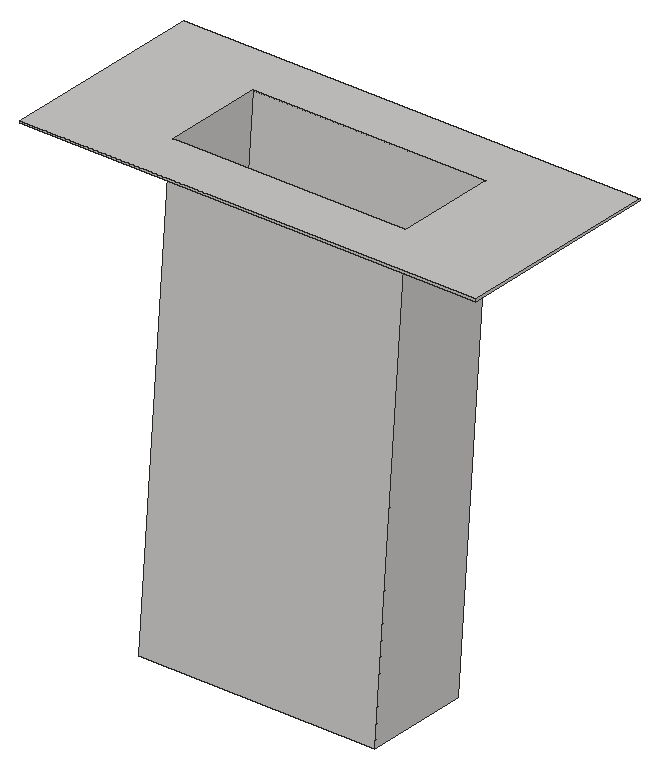
Revit family "Viking Roofspec Scupper 03 M16", category Pipe Fittings, host Face, Revit 2021
Family settings
  Host = Face
  Round Connector Dimension = Use Diameter
  Part Type = Cap
  Cut with Voids When Loaded = Yes
  Shared = No
Parameters (values of type "Scuppers - 207 x 88mm Overflow")
  URL = "www.vikingroofspec.co.nz"
  Type Comments = "Viking Roofspec 207x88x1.6mm stainless steel overflow scupper IMT109, installed as per manufacturers instructions."
  Model = "IMT109"
  Material = Viking Roofspec - Stainless Steel
  Manufacturer = "Viking Roofspec"  # constant formula
  Leg Cut Offset = 45 mm
  Leg Length Specified [instance] = 389 mm
  Leg Cut Width = 207 mm
  Leg Cut Height = 91.1 mm
  Flange Cut Width = 5 mm
  Flange Cut Length = 5 mm
  Default Elevation = 0 mm
  Component = IMT109 : IMT109
Reference planes
  plane 1 "Center (Front/Back)": y = 0
  plane 2: z = 0
  plane 3 "Center (Left/Right)": x = 0
  plane 4 "Pipe Connector": z = -116.857
  plane 5: x = -103.5
  plane 6: x = 103.5
  plane 7: y = 43.4
  plane 8: y = 134.5
  plane 9: y = -1.6
Forms (mm)
  Extrusion 1, void
    sketch origin (0, 0, 0) x (0, 1, 0) y (0, 0, 1)
      loop
        line (134.5, 0) -> (43.4, 0) -> (9.367, -389) -> (100.467, -389) -> (134.5, 0)
    from -103.5 to 103.5
  Extrusion 2, void
    sketch origin (0, 0, 0) x (1, 0, 0) y (0, 0, 1)
      loop
        line (-2.5, 5) -> (-2.5, 0) -> (2.5, 0) -> (2.5, 5) -> (-2.5, 5)
    from 0 to 1.6
Lines and regions (mm)
  reference lines
    curve 1: line (0, 134.5, -389) -> (0, 43.4, -389)
Dimensions and locks
  locked: host face to plane 4 "Pipe Connector" at 116.857
  "Leg Length Specified": plane 2 to curve 1
  equal spacing: plane 5, plane 3 "Center (Left/Right)", plane 6
  "Leg Cut Width": plane 5 to plane 6
  "Leg Cut Offset": plane 9 to plane 7
  "Leg Cut Height": plane 7 to plane 8
  locked: plane 9 to plane 1 "Center (Front/Back)" at 1.6
  equal spacing: Extrusion 2 sketch curve, plane 3 "Center (Left/Right)", Extrusion 2 sketch curve
  "Flange Cut Width": Extrusion 2 sketch curve to Extrusion 2 sketch curve
  "Flange Cut Length": Extrusion 2 sketch curve to host face
  locked: Extrusion 1 sketch curve to level (angle 95.00°)  (x2)
  aligned and locked: plane 2 to host face
  aligned and locked: level to host face
  aligned and locked: level to Extrusion 1 sketch curve
  aligned and locked: plane 7 to Extrusion 1 sketch curve
  aligned and locked: plane 8 to Extrusion 1 sketch curve
  aligned and locked: Extrusion 1 sketch curve to level
  aligned and locked: curve 1 to Extrusion 1 sketch curve
  aligned and locked: plane 8 to curve 1
  aligned and locked: plane 7 to curve 1
  aligned and locked: Extrusion 2 to level
  aligned and locked: plane 6 to Extrusion 1
  aligned and locked: Extrusion 1 to plane 5
Automatic sketch dimensions
  host sketch curve to host sketch curve = 2438.4 mm  (x2)
  Extrusion 2 sketch curve to level = 0 mm
Nested families
  nested 1: "IMT109" at (0, -0.006, 0), Leg Length Specified <- "Leg Length Specified", Material <- "Material", type <- "Component", type "IMT109"
    with Real Leg Length 389 mm, Material Viking Roofspec - Stainless Steel, Leg Length Specified 389 mm
Definition of nested family "IMT109"
  Parameters (values of type "IMT109")
    Real Leg Length [instance] = if(Leg Length Specified < 100 mm, 100 mm, if(Leg Length Specified > 389 mm, 389 mm, Leg Length Specified))  # 389 mm
    Material [instance] = none
    Manufacturer = "Viking Roofspec"  # constant formula
    Leg Length Specified [instance] = 389 mm
    Default Elevation = 1219.2 mm
  Reference planes
    plane 1 "Center (Front/Back)": y = 0
    plane 2: z = 0
    plane 3 "Center (Left/Right)": x = 0
    plane 4: z = -389
  Forms (mm)
    Extrusion 1, solid, material <- "Material"
      sketch origin (0, 45, -0.006) x (0, 0, -1) y (0, 1, 0)
        loop
          line (-0.006, -45.006) -> (-0.006, 133.994) -> (-1.606, 133.994) -> (-1.606, -45.006) -> (-0.006, -45.006)
      from -200 to 200
    Extrusion 2, solid, material <- "Material"
      sketch origin (0, 45, -0.006) x (0, 0, -1) y (0, 1, 0)
        loop
          line (0, 89.466) -> (0, -1.606) -> (388.994, -35.639) -> (388.994, 55.434) -> (0, 89.466)
      from -103.5 to 103.5
    Extrusion 3, void
      sketch origin (0, 45, -0.006) x (0, 0, -1) y (0, 1, 0)
        loop
          line (388.994, -34.032) -> (388.994, 53.828) -> (-9.861, 88.723) -> (-9.861, 0.863) -> (388.994, -34.032)
      from -101.9 to 101.9
  Cuts and joins
    Extrusion 3 cuts Extrusion 1
    Extrusion 3 cuts Extrusion 2
    joined: Extrusion 1, Extrusion 2
  Dimensions and locks
    "Real Leg Length": level to plane 4
    locked: plane 1 "Center (Front/Back)" to Extrusion 2 sketch curve at 134.466
    locked: Extrusion 3 sketch curve to plane 2 at 9.854
    locked: plane 1 "Center (Front/Back)" to Extrusion 3 sketch curve at 45.863
    locked: plane 1 "Center (Front/Back)" to Extrusion 3 sketch curve at 133.723
    locked: plane 1 "Center (Front/Back)" to Extrusion 2 sketch curve at 43.394
    locked: Extrusion 2 sketch curve to level (angle 95.00°)
    locked: level to Extrusion 2 sketch curve (angle 85.00°)
    locked: Extrusion 3 sketch curve to level (angle 95.00°)
    locked: level to Extrusion 3 sketch curve (angle 85.00°)
    aligned and locked: level to plane 2
    aligned and locked: plane 4 to Extrusion 2
    aligned and locked: plane 4 to Extrusion 3 sketch curve
  Automatic sketch dimensions
    Extrusion 2 sketch curve to plane 4 = 0 mm
    Extrusion 2 sketch curve to level = 0.006 mm
    Extrusion 1 sketch curve to level = 0 mm
    Extrusion 1 sketch curve to plane 1 "Center (Front/Back)" = 178.994 mm
    Extrusion 1 sketch curve to Extrusion 1 sketch curve = 1.6 mm
    plane 1 "Center (Front/Back)" to Extrusion 1 sketch curve = 0.006 mm
